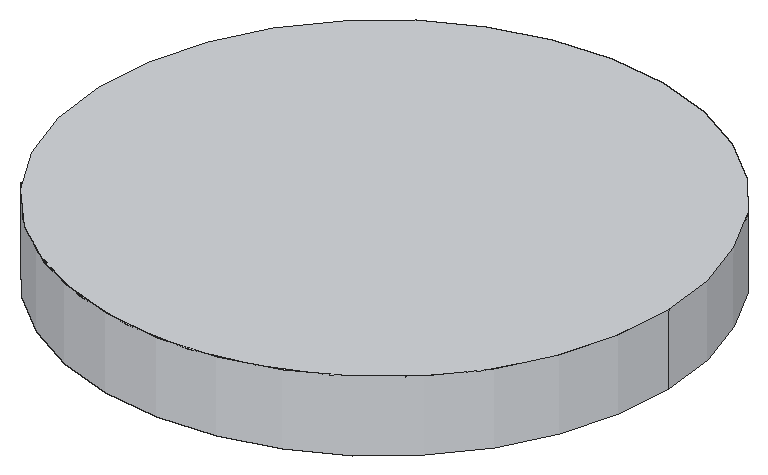
Revit family "9710d6ad143b4dd4b79b445cfb656f06", category Electrical Fixtures, host Face, Revit 2021
Family settings
  Host = Face
  Maintain Annotation Orientation = No
  Round Connector Dimension = Use Diameter
  Part Type = Normal
  OmniClass Number = 23.80.00.00
  OmniClass Title = Electric Power and Lighting
  Seek Item ID = Electrical Fixtures - Balanced Power Connector-0000-USA-ENU
  Cut with Voids When Loaded = No
  Shared = No
  Room Calculation Point = No
Parameters (values of type "480 V")
  Thickness = 0' - 0 1/8"
  Radius = 0.5 * Diameter  # 0' - 0 1/2"
  Load Classification = Other
  Diameter = 0' - 1"
  Default Elevation = 4' - 0"
  Connector Voltage = 480 V
  Connector Number of Poles = 3
Types (6): name | Connector Voltage | Connector Number of Poles
  (no name) | 480 V | 3
  120 V | 120 V | 1
  208 V | 208 V | 3
  277 V | 277 V | 1
  240 V | 240 V | 2
  480 V | 480 V | 3
Reference planes (in)
  plane 1 "Center (Front/Back)": y = 0
  plane 2: z = 0
  plane 3 "Center (Left/Right)": x = 0
  plane 4: z = 0.125
Forms (in)
  Extrusion 1, solid
    sketch origin (0, 0, 0) x (1, 0, 0) y (0, 1, 0)
      loop
        circle (0, 0) r 0.5
    from 0 to 0.125
Dimensions and locks (in)
  "Thickness": plane 4 to level
  "Radius": radius of Extrusion 1 sketch curve
  aligned and locked: plane 2 to host face
  aligned and locked: level to host face
  aligned and locked: plane 4 to Extrusion 1
  aligned and locked: plane 3 "Center (Left/Right)" to Extrusion 1 sketch curve
  aligned and locked: plane 1 "Center (Front/Back)" to Extrusion 1 sketch curve
Automatic sketch dimensions
  host sketch curve to host sketch curve = 8' - 0"  (x2)
Connectors (in)
  electrical at (0, 0, 0.125), driven by "Connector Number of Poles", driven by "Connector Voltage", driven by "Load Classification"
    settings: on Extrusion 1, index 1, voltage 480 V, apparent load 0 VA, apparent load phase1 0 VA, apparent load phase2 0 VA, apparent load phase3 0 VA, power factor 1, load classification "Other", number of poles 3, system type 30, power factor state 1, is connector primary yes, connector utility no, sub classification motor no, connector description ""
